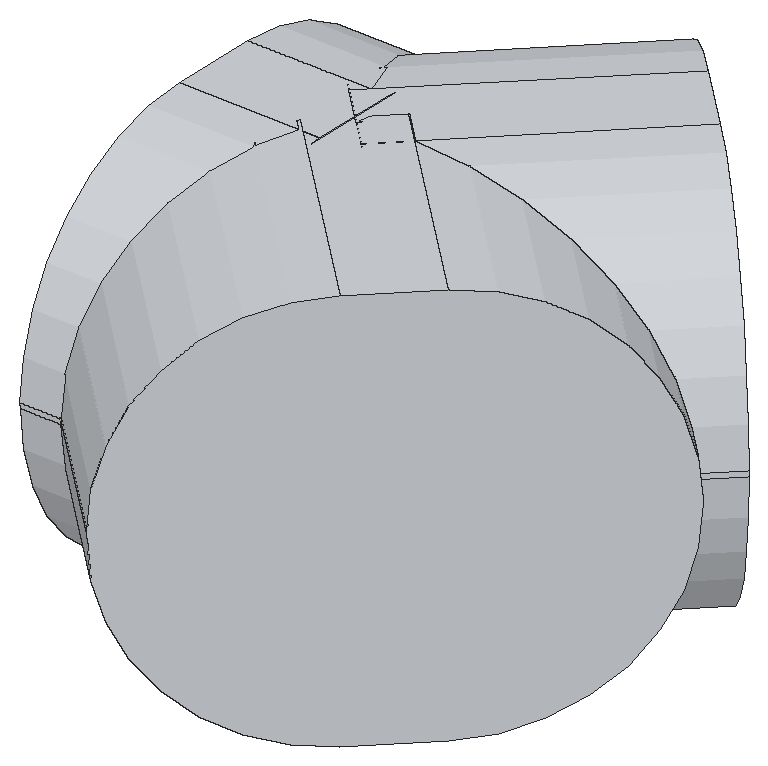
Revit family "M_Y oval", category Conexões de duto, Revit 2019
Family settings
  Cota do conector redondo = Utilizar diâmetro
  Tipo de parte = Ipsílon
  Número OmniClass = 23.75.70.14
  Título OmniClass = Air Ductwork
  ID de item do Seek = Oval Wye-0000-CAN-ENU
  Com base no plano de trabalho = Não
  Sempre na vertical = Sim
  Corte com vazios quando carregada = Não
  Compartilhado = Não
Parameters (values of type "Padrão")
  Comprimento do rebaixo [instance] = 25 mm
  Raio [instance] = if(Largura do duto > Altura do duto, Largura do duto * 2, Altura do duto * 2)  # 600 mm
  Comprimento 5 [instance] = Comprimento 2 * cos(Ângulo 1) + Comprimento 1  # 210.876 mm
  Comprimento 4 [instance] = Comprimento 2 * sin(Ângulo 1)  # 123.744 mm
  Comprimento 3 [instance] = Comprimento 1 + Comprimento 2  # 262.132 mm
  Comprimento 2 [instance] = if(Ângulo > 90.00°, Comprimento 1, Largura do duto * 0.5 / tan(Ângulo 1) + Comprimento do rebaixo)  # 175 mm
  Comprimento 1 [instance] = Largura do duto * 0.5 * tan(Ângulo 1 / 2) + Comprimento do rebaixo  # 87.132 mm
  Largura do duto [instance] = 300 mm
  Altura do duto [instance] = 250 mm
  Ângulo 1 [instance] = Ângulo / 2  # 45.00°
  Ângulo [instance] = 90.00°
Reference planes
  plane 1 "Centro (Frente/Trás)": y = 0
  plane 2: z = 0
  plane 3 "Centro (Esquerda/Direita)": x = 0
  plane 4: x = 87.132
  plane 5: x = 210.876
  plane 6: y = 123.744
  plane 7: y = -123.744
Forms (mm)
  Sweep 1, solid, detail levels medium+fine
    path in 3D
      loop
        line (87.132, 0, 0) -> (0, 0, 0)
    profile "M_Duto - Oval : Duto - Oval" origin (43.566, 0, 0) x (0, -1, 0) y (0, 0, 1)
      loop
        line (-150, 1.588) -> (-150, -1.587)
        arc (-150, -1.587) -> (-113.853, -88.853) -> (-26.587, -125) r 123.413
        line (-26.587, -125) -> (26.588, -125)
        arc (26.588, -125) -> (113.853, -88.853) -> (150, -1.587) r 123.413
        line (150, -1.587) -> (150, 1.587)
        arc (150, 1.587) -> (113.853, 88.853) -> (26.588, 125) r 123.413
        line (26.588, 125) -> (-26.587, 125)
        arc (-26.587, 125) -> (-113.853, 88.853) -> (-150, 1.588) r 123.413
  Sweep 2, solid, detail levels medium+fine
    path in 3D
      loop
        line (87.132, 0, 0) -> (210.876, 123.744, 0)
    profile "M_Duto - Oval : Duto - Oval" origin (149.004, 61.872, 0) x (-0.707107, 0.707107, 0) y (0, 0, 1)
      loop
        line (-150, 1.588) -> (-150, -1.587)
        arc (-150, -1.587) -> (-113.853, -88.853) -> (-26.587, -125) r 123.413
        line (-26.587, -125) -> (26.588, -125)
        arc (26.588, -125) -> (113.853, -88.853) -> (150, -1.587) r 123.413
        line (150, -1.587) -> (150, 1.587)
        arc (150, 1.587) -> (113.853, 88.853) -> (26.588, 125) r 123.413
        line (26.588, 125) -> (-26.587, 125)
        arc (-26.587, 125) -> (-113.853, 88.853) -> (-150, 1.588) r 123.413
  Sweep 3, solid, detail levels medium+fine
    path in 3D
      loop
        line (87.132, 0, 0) -> (210.876, -123.744, 0)
    profile "M_Duto - Oval : Duto - Oval" origin (149.004, -61.872, 0) x (0.707107, 0.707107, 0) y (0, 0, 1)
      loop
        line (-150, 1.588) -> (-150, -1.587)
        arc (-150, -1.587) -> (-113.853, -88.853) -> (-26.587, -125) r 123.413
        line (-26.587, -125) -> (26.588, -125)
        arc (26.588, -125) -> (113.853, -88.853) -> (150, -1.587) r 123.413
        line (150, -1.587) -> (150, 1.587)
        arc (150, 1.587) -> (113.853, 88.853) -> (26.588, 125) r 123.413
        line (26.588, 125) -> (-26.587, 125)
        arc (-26.587, 125) -> (-113.853, 88.853) -> (-150, 1.588) r 123.413
  Sweep 4, void
    path in 3D
      loop
        line (0, 0, 0) -> (-262.132, 0, 0)
    profile origin (-131.066, 0, 0) x (0, -1, 0) y (0, 0, 1)
      loop
        circle (0, 0) r 600
Cuts and joins
  Sweep 4 cuts Sweep 1
  Sweep 4 cuts Sweep 2
  Sweep 4 cuts Sweep 3
Lines and regions (mm)
  model lines, detail levels coarse
    curve 1: line (87.132, 0, 0) -> (210.876, 123.744, 0)
    curve 2: line (87.132, 0, 0) -> (210.876, -123.744, 0)
    curve 3: line (87.132, 0, 0) -> (0, 0, 0)
  sketch lines
    curve 4: line (87.132, 0, 0) -> (0, 0, 0)
    curve 5: line (87.132, 0, 0) -> (210.876, 123.744, 0)
    curve 6: line (87.132, 0, 0) -> (210.876, -123.744, 0)
    curve 8: line (0, 0, 0) -> (-262.132, 0, 0)
  reference lines
    curve 7: line (0, 0, 0) -> (-262.132, 0, 0)
    curve 9: line (210.876, 123.744, 0) -> (334.619, 247.487, 0)
    curve 10: line (210.876, -123.744, 0) -> (334.619, -247.487, 0)
Dimensions and locks
  "Comprimento 1": plane 3 "Centro (Esquerda/Direita)" to plane 4
  "Comprimento 2": curve 1 to curve 1
  "Comprimento 2": curve 2 to curve 2
  "Comprimento 3": curve 7 to curve 7
  "Comprimento 5": plane 3 "Centro (Esquerda/Direita)" to plane 5
  "Comprimento 4": plane 6 to plane 1 "Centro (Frente/Trás)"
  "Comprimento 4": plane 7 to plane 1 "Centro (Frente/Trás)"
  "Comprimento 2": curve 9 to curve 9
  "Comprimento 2": curve 10 to curve 10
  "Raio": radius of Sweep 4 sketch curve
  "Ângulo 1": angle plane 1 "Centro (Frente/Trás)" to curve 1
  "Ângulo 1": angle curve 2 to plane 1 "Centro (Frente/Trás)"
  "Ângulo 1": angle plane 6 to curve 9
  "Ângulo 1": angle curve 10 to plane 7
  aligned and locked: plane 3 "Centro (Esquerda/Direita)" to curve 3
  aligned and locked: plane 4 to curve 3
  aligned and locked: curve 3 to plane 1 "Centro (Frente/Trás)"
  aligned and locked: curve 7 to plane 1 "Centro (Frente/Trás)"
  aligned and locked: plane 3 "Centro (Esquerda/Direita)" to curve 7
  aligned and locked: plane 5 to curve 9
  aligned and locked: plane 7 to curve 10
  aligned and locked: plane 5 to curve 10
  aligned and locked: plane 2 to Sweep 4 sketch curve
  aligned and locked: plane 1 "Centro (Frente/Trás)" to Sweep 4 sketch curve
Automatic sketch dimensions
  curve 9 to plane 6 = 0 mm
Connectors
  hvac at (0, 0, 0), driven by "Altura do duto", driven by "Largura do duto"
    settings: on cut or joined group of Sweep 1, Sweep 4, index 1, duct flow 0.0 L/s, flow factor 0, pres drop 0.0 Pa, loss coef 0, conn angle 0.00°, conn width 300 mm, conn height 250 mm, conn diameter 609.6 mm, duct sys type 28, conn prof type 2, flow config 0, flow direction 0, loss method 0, conn ref index -1, conn util no, is conn primary yes, conn desc ""
  hvac at (210.876, 123.744, 0), driven by "Altura do duto", driven by "Largura do duto", driven by "Ângulo 1"
    settings: on cut or joined group of Sweep 2, Sweep 4, index 2, duct flow 0.0 L/s, flow factor 0, pres drop 0.0 Pa, loss coef 0, conn angle 45.00°, conn width 300 mm, conn height 250 mm, conn diameter 609.6 mm, duct sys type 28, conn prof type 2, flow config 0, flow direction 0, loss method 0, conn ref index -1, conn util no, is conn primary no, conn desc ""
  hvac at (210.876, -123.744, 0), driven by "Altura do duto", driven by "Largura do duto", driven by "Ângulo 1"
    settings: on cut or joined group of Sweep 3, Sweep 4, index 3, duct flow 0.0 L/s, flow factor 0, pres drop 0.0 Pa, loss coef 0, conn angle 45.00°, conn width 300 mm, conn height 250 mm, conn diameter 609.6 mm, duct sys type 28, conn prof type 2, flow config 0, flow direction 0, loss method 0, conn ref index -1, conn util no, is conn primary no, conn desc ""
